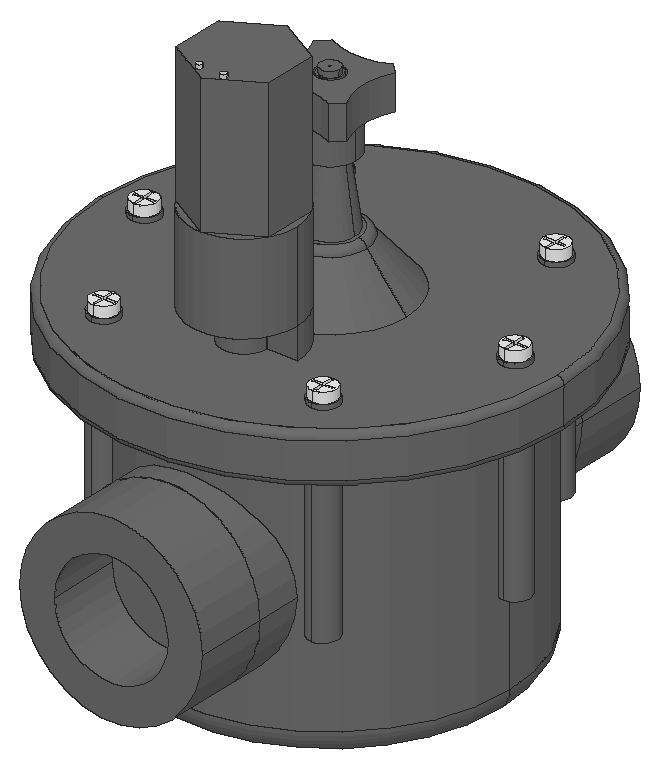
Revit family "Valve - PEB Series - 200PEB", category Acessórios do tubo, Revit 2020
Family settings
  Cota do conector redondo = Utilizar diâmetro
  Tipo de parte = Normal
  Número OmniClass = 23.60.30.11.14
  Título OmniClass = Pipework Fittings
  Com base no plano de trabalho = Não
  Sempre na vertical = Sim
  Corte com vazios quando carregada = Não
  Compartilhado = Não
Parameters (values of type "200PEB-R")
  a [instance] = 1.27 cm
  URL = "https://www.rainbird.com/"
  SupportProjetos: Reviw Date = "10/11/2020"  # constant formula
  SupportProjetos: Reviw = "R01"  # constant formula
  SupportProjetos: Level of Detail = "LOD300"  # constant formula
  SupportProjetos: Developed = "MICHEL SOARES MOTA"  # constant formula
  SupportProjetos: Creation Date = "27/08/2020"  # constant formula
  RainBird: Product Link = "https://www.rainbird.com/"
  RainBird: Description = "Valves - PEB Series - 200PEB-R"
  RainBird: Comment = ""
  RainBird: Code = "B35213"  # constant formula
  RN [instance] = DN / 2  # 2.54 cm
  Modelo = "200PEB-R"
  Material Parafuso = Aço cromado
  Material = PVC-U
  Elevação padrão = 0 cm
  Diametro corpo [instance] = 6 cm
  Diametro Tubo = 5.08 cm
  Det1 [instance] = 2 cm
  Descrição = RainBird: Description  # "Valves - PEB Series - 200PEB-R"
  DN [instance] = 5.08 cm
  Caminho croqui = 11.2 cm
  Anotação Válvula = yes
Types (4, lengths in cm): name | RainBird: Description | Modelo | Descrição
  (no name) | "Valves - PEB Series - 200PEB-R" | "200PEB-R" | "Valves - PEB Series - 200PEB-R"
  200PEB | "Valves - PEB Series - 200PEB" | "200PEB" | "Valves - PEB Series - 200PEB"
  200PESB | "Valves - PEB Series - 200PESB" | "200PESB" | "Valves - PEB Series - 200PESB"
  200PEB-R | "Valves - PEB Series - 200PEB-R" | "200PEB-R" | "Valves - PEB Series - 200PEB-R"
Reference planes (cm)
  plane 1 "Centro (Frente/Trás)": y = 0
  plane 2: z = 0
  plane 3 "Centro (Esquerda/Direita)": x = 0
Forms (cm)
  Sweep 1, solid, material "PVC-U" <- "Material"
    path origin (0, 0, 0) x (1, 0, 0) y (0, 1, 0)
      loop
        circle (0, 0) r 3
    profile origin (0, 3, 0) x (0, -1, 0) y (0, 0, 1)
      loop
        arc (-3.3167, 4.98) -> (-3.4581, 4.9214) -> (-3.5167, 4.78) r 0.2
        line (-3.5167, 4.78) -> (-3.5167, 3.7881)
        arc (-3.5167, 3.7881) -> (-3.4659, 3.6654) -> (-3.3431, 3.6146) r 0.1736
        line (-3.3431, 3.6146) -> (-2.0167, 3.6146) -> (-2.0167, -3.3151)
        arc (-2.0167, -3.3151) -> (-1.8102, -3.8135) -> (-1.3118, -4.02) r 0.7049
        line (-1.3118, -4.02) -> (2.9833, -4.02) -> (2.9833, 10.48) -> (2.7355, 10.48) -> (2.7355, 8.48) -> (2.5811, 8.48) -> (2.3, 6.48) -> (2.1864, 6.48)
        arc (2.1864, 6.48) -> (2.0425, 6.4204) -> (1.9829, 6.2765) r 0.2035
        line (1.9829, 6.2765) -> (0.8559, 4.98) -> (-3.3167, 4.98)
  Extrusion 2, solid, material "PVC-U" <- "Material"
    sketch origin (0, 0, 0) x (0, 1, 0) y (-1, 0, 0)
      loop
        circle (0, -5.1645) r 0.4
      loop
        circle (-4.0487, -3.0594) r 0.4
      loop
        circle (4.0487, -3.0594) r 0.4
      loop
        circle (0, 5.1645) r 0.4
      loop
        circle (-4.0487, 3.0594) r 0.4
      loop
        circle (4.0487, 3.0594) r 0.4
    from -0.8456 to 5.1006
  Extrusion 3, solid, material "Aço cromado" <- "Material Parafuso"
    sketch origin (0, 0, 0) x (0, 1, 0) y (-1, 0, 0)
      loop
        circle (0, -5.1645) r 0.3541
      loop
        line (-0.0439, -5.207) -> (-0.0439, -5.4485) -> (0.0343, -5.4485) -> (0.0343, -5.207) -> (0.292, -5.207) -> (0.292, -5.123) -> (0.0343, -5.123) -> (0.0343, -4.8619) -> (-0.0439, -4.8619) -> (-0.0439, -5.123) -> (-0.3045, -5.123) -> (-0.3045, -5.207) -> (-0.0439, -5.207)
      loop
        circle (-4.0487, -3.0594) r 0.3541
      loop
        line (-4.0048, -3.1018) -> (-3.7442, -3.1018) -> (-3.7442, -3.0178) -> (-4.0048, -3.0178) -> (-4.0048, -2.7567) -> (-4.083, -2.7567) -> (-4.083, -3.0178) -> (-4.3408, -3.0178) -> (-4.3408, -3.1018) -> (-4.083, -3.1018) -> (-4.083, -3.3433) -> (-4.0048, -3.3433) -> (-4.0048, -3.1018)
      loop
        circle (4.0487, -3.0594) r 0.3541
      loop
        line (4.0048, -3.1018) -> (4.0048, -3.3433) -> (4.083, -3.3433) -> (4.083, -3.1018) -> (4.3408, -3.1018) -> (4.3408, -3.0178) -> (4.083, -3.0178) -> (4.083, -2.7567) -> (4.0048, -2.7567) -> (4.0048, -3.0178) -> (3.7442, -3.0178) -> (3.7442, -3.1018) -> (4.0048, -3.1018)
      loop
        circle (0, 5.1645) r 0.3541
      loop
        line (-0.0439, 5.207) -> (-0.3045, 5.207) -> (-0.3045, 5.123) -> (-0.0439, 5.123) -> (-0.0439, 4.8619) -> (0.0343, 4.8619) -> (0.0343, 5.123) -> (0.292, 5.123) -> (0.292, 5.207) -> (0.0343, 5.207) -> (0.0343, 5.4485) -> (-0.0439, 5.4485) -> (-0.0439, 5.207)
      loop
        circle (-4.0487, 3.0594) r 0.3541
      loop
        line (-4.0048, 3.1018) -> (-4.0048, 3.3433) -> (-4.083, 3.3433) -> (-4.083, 3.1018) -> (-4.3408, 3.1018) -> (-4.3408, 3.0178) -> (-4.083, 3.0178) -> (-4.083, 2.7567) -> (-4.0048, 2.7567) -> (-4.0048, 3.0178) -> (-3.7442, 3.0178) -> (-3.7442, 3.1018) -> (-4.0048, 3.1018)
      loop
        circle (4.0487, 3.0594) r 0.3541
      loop
        line (4.0048, 3.1018) -> (3.7442, 3.1018) -> (3.7442, 3.0178) -> (4.0048, 3.0178) -> (4.0048, 2.7567) -> (4.083, 2.7567) -> (4.083, 3.0178) -> (4.3408, 3.0178) -> (4.3408, 3.1018) -> (4.083, 3.1018) -> (4.083, 3.3433) -> (4.0048, 3.3433) -> (4.0048, 3.1018)
    from 5.1006 to 5.3824
  Sweep 4, solid, material "PVC-U" <- "Material"
    path origin (0, 0, 0) x (1, 0, 0) y (0, 1, 0)
      loop
        line (0, -5.6) -> (0, 5.6)
    profile origin (0, 0, 0) x (-1, 0, 0) y (0, 0, 1)
      loop
        circle (0, 0) r 2.54
  Sweep 5, solid, material "PVC-U" <- "Material"
    path origin (0, 0, 0) x (1, 0, 0) y (0, 1, 0)
      loop
        line (0, 5.6) -> (0, 7.6)
    profile origin (0, 6.6, 0) x (-1, 0, 0) y (0, 0, 1)
      loop
        circle (0, 0) r 1.5878
      loop
        circle (0, 0) r 2.54
  Sweep 6, solid, material "PVC-U" <- "Material"
    path origin (0, 0, 0) x (1, 0, 0) y (0, 1, 0)
      loop
        line (0, -5.6) -> (0, -7.6)
    profile origin (0, -6.6, 0) x (1, 0, 0) y (0, 0, 1)
      loop
        circle (0, 0) r 1.5878
      loop
        circle (0, 0) r 2.54
  Extrusion 7, solid, material "PVC-U" <- "Material"
    sketch origin (0, 0, 0) x (1, 0, 0) y (0, 1, 0)
      loop
        circle (-1.2684, 1.1319) r 0.5
    from 4.73 to 7.1863
  Extrusion 8, solid, material "PVC-U" <- "Material"
    sketch origin (0, 0, 0) x (1, 0, 0) y (0, 1, 0)
      loop
        circle (-1.2684, 1.1319) r 0.35
    from 7.1863 to 8.23
  Extrusion 9, solid, material "PVC-U" <- "Material"
    sketch origin (0, 0, 0) x (1, 0, 0) y (0, 1, 0)
      loop
        circle (-1.2684, 1.1319) r 0.1348
      loop
        line (-1.5709, 1.5211) -> (-1.6659, 1.4261)
        arc (-1.6659, 1.4261) -> (-1.5973, 1.1326) -> (-1.6637, 0.8386) r 0.673
        line (-1.6637, 0.8386) -> (-1.5688, 0.7436)
        arc (-1.5688, 0.7436) -> (-1.2712, 0.8132) -> (-0.9736, 0.7436) r 0.6718
        line (-0.9736, 0.7436) -> (-0.8778, 0.8394)
        arc (-0.8778, 0.8394) -> (-0.9436, 1.1315) -> (-0.8786, 1.4239) r 0.686
        line (-0.8786, 1.4239) -> (-0.9762, 1.5215)
        arc (-0.9762, 1.5215) -> (-1.2735, 1.4534) -> (-1.5709, 1.5211) r 0.6846
    from 8.23 to 8.509
  Extrusion 10, solid, material "PVC-U" <- "Material"
    sketch origin (1.2875, -1.1319, 0) x (1, 0, 0) y (0, 1, 0)
      loop
        circle (-1.2684, 1.1319) r 0.3851
      loop
        line (-2.1324, 2.2437) -> (-2.4038, 1.9724)
        arc (-2.4038, 1.9724) -> (-2.2079, 1.134) -> (-2.3976, 0.2941) r 1.9225
        line (-2.3976, 0.2941) -> (-2.1264, 0.0229)
        arc (-2.1264, 0.0229) -> (-1.2763, 0.2215) -> (-0.4262, 0.0229) r 1.9189
        line (-0.4262, 0.0229) -> (-0.1528, 0.2963)
        arc (-0.1528, 0.2963) -> (-0.3407, 1.131) -> (-0.1551, 1.9661) r 1.9594
        line (-0.1551, 1.9661) -> (-0.4338, 2.2448)
        arc (-0.4338, 2.2448) -> (-1.283, 2.0502) -> (-2.1324, 2.2437) r 1.9556
      loop
        arc (-1.3071, 1.4648) -> (-1.6036, 1.1319) -> (-1.3071, 0.799) r 0.3351
        line (-1.3071, 0.799) -> (-1.3071, 1.4648)
      loop
        line (-1.2684, 1.467) -> (-1.2684, 0.7967)
        arc (-1.2684, 0.7967) -> (-0.9581, 1.1319) -> (-1.2684, 1.467) r 0.3361
    from 9.3751 to 10.3365
  Extrusion 11, solid, material "PVC-U" <- "Material"
    sketch origin (0, 0, 0) x (1, 0, 0) y (0, 1, 0)
      loop
        circle (0, 0) r 0.7379
    from 8.3753 to 9.3751
  Extrusion 12, solid, material "PVC-U" <- "Material"
    sketch origin (0, 0, 0) x (1, 0, 0) y (0, 1, 0)
      loop
        circle (0, -3) r 0.6406
    from 1.7812 to 5.8349
  Extrusion 13, solid, material "PVC-U" <- "Material"
    sketch origin (0, 0, 0) x (1, 0, 0) y (0, 1, 0)
      loop
        circle (0, -3) r 1.5
    from 5.8349 to 8.3126
  Extrusion 14, solid, material "PVC-U" <- "Material"
    sketch origin (0, 0, 0) x (1, 0, 0) y (0, 1, 0)
      loop
        line (0, -4.5) -> (1.299, -3.75) -> (1.299, -2.25) -> (0, -1.5) -> (-1.299, -2.25) -> (-1.299, -3.75) -> (0, -4.5)
    from 8.3126 to 12.15
  Extrusion 15, solid, material "PVC-U" <- "Material"
    sketch origin (0, 0, 0) x (1, 0, 0) y (0, 1, 0)
      loop
        arc (1.5, -3) -> (0, -1.5) -> (-1.5, -3) r 1.5
        line (-1.5, -3) -> (1.5, -3)
    from 1.7812 to 5.8349
  Extrusion 16, solid
    sketch origin (0, 0, 0) x (1, 0, 0) y (0, 1, 0)
      loop
        circle (-0.329, -4.1208) r 0.0806
      loop
        circle (0.3553, -4.1386) r 0.0824
    from 12.15 to 12.2333
Cuts and joins
  joined: Extrusion 13, Extrusion 14, Extrusion 15
Dimensions and locks (cm)
  "Caminho croqui": Sweep 4 sketch curve to Sweep 4 sketch curve
  equal spacing: Sweep 4 sketch curve, plane 1 "Centro (Frente/Trás)", Sweep 4 sketch curve
  "Det1": Sweep 5 sketch curve to Sweep 5 sketch curve
  "Det1": Sweep 6 sketch curve to Sweep 6 sketch curve
  locked: plane 1 "Centro (Frente/Trás)" to Sweep 1 sketch curve at 0.0167
  Sweep 1 sketch curve to Sweep 1 sketch curve = 6.5 cm
  "Diametro corpo": diameter of Sweep 1 sketch curve
  "Diametro Tubo": diameter of Sweep 4 sketch curve
  aligned and locked: level to plane 2
  aligned and locked: Sweep 4 to Sweep 5 sketch curve
  aligned and locked: Sweep 5 sketch curve to Sweep 4  (x2)
  aligned and locked: Sweep 4 to Sweep 6 sketch curve
  aligned and locked: Sweep 6 sketch curve to Sweep 5  (x4)
  aligned and locked: Extrusion 9 to Extrusion 8
  aligned and locked: Extrusion 10 to Extrusion 11
  aligned and locked: Extrusion 13 to Extrusion 12
  aligned and locked: Extrusion 14 to Extrusion 13
  aligned and locked: Extrusion 15 sketch curve to Extrusion 13
  aligned and locked: Extrusion 15 to Extrusion 12  (x2)
  aligned and locked: Extrusion 16 to cut or joined group of Extrusion 13, Extrusion 14, Extrusion 15
  aligned and locked: Extrusion 2 to Extrusion 3
Automatic sketch dimensions
  Sweep 5 sketch curve to Sweep 5 sketch curve = 0 cm  (x2)
  Extrusion 7 sketch curve to plane 3 "Centro (Esquerda/Direita)" = 1.2684 cm
  Extrusion 7 sketch curve to plane 1 "Centro (Frente/Trás)" = 1.1319 cm
  Extrusion 8 sketch curve to plane 3 "Centro (Esquerda/Direita)" = 1.2684 cm
  Extrusion 8 sketch curve to plane 1 "Centro (Frente/Trás)" = 1.1319 cm
  Extrusion 9 sketch curve to plane 1 "Centro (Frente/Trás)" = 1.1301 cm
  Extrusion 9 sketch curve to plane 3 "Centro (Esquerda/Direita)" = 2.2704 cm
  Extrusion 9 sketch curve to Extrusion 9 sketch curve = 0.6045 cm
  Extrusion 9 sketch curve to plane 1 "Centro (Frente/Trás)" = 0.8386 cm
  Extrusion 9 sketch curve to Extrusion 9 sketch curve = 0.0022 cm
  Extrusion 9 sketch curve to Extrusion 9 sketch curve = 0.095 cm  (x3)
  Extrusion 9 sketch curve to plane 1 "Centro (Frente/Trás)" = 0.7436 cm  (x2)
  Extrusion 9 sketch curve to Extrusion 9 sketch curve = 0.2969 cm
  Extrusion 9 sketch curve to plane 1 "Centro (Frente/Trás)" = 0.1414 cm
  Extrusion 9 sketch curve to Extrusion 9 sketch curve = 0.2976 cm
  Extrusion 9 sketch curve to Extrusion 9 sketch curve = 0.3004 cm
  Extrusion 9 sketch curve to Extrusion 9 sketch curve = 0.2922 cm
  Extrusion 9 sketch curve to Extrusion 9 sketch curve = 0.0976 cm  (x2)
  Extrusion 9 sketch curve to Extrusion 9 sketch curve = 0.0957 cm  (x2)
  Extrusion 9 sketch curve to plane 3 "Centro (Esquerda/Direita)" = 0.2577 cm
  Extrusion 9 sketch curve to Extrusion 9 sketch curve = 0.3882 cm
  Extrusion 9 sketch curve to Extrusion 9 sketch curve = 0.2931 cm
  Extrusion 10 sketch curve to Extrusion 10 sketch curve = 0 cm  (x2)
  Extrusion 10 sketch curve to Extrusion 10 sketch curve = 0.0258 cm  (x2)
  plane 1 "Centro (Frente/Trás)" to Extrusion 10 sketch curve = 0 cm
  plane 3 "Centro (Esquerda/Direita)" to Extrusion 10 sketch curve = 0.019 cm  (x2)
  plane 3 "Centro (Esquerda/Direita)" to Extrusion 10 sketch curve = 0.0112 cm
  plane 3 "Centro (Esquerda/Direita)" to Extrusion 10 sketch curve = 0.0032 cm
  Extrusion 10 sketch curve to plane 3 "Centro (Esquerda/Direita)" = 0.0197 cm
  Extrusion 10 sketch curve to plane 3 "Centro (Esquerda/Direita)" = 0.8389 cm
  Extrusion 10 sketch curve to plane 3 "Centro (Esquerda/Direita)" = 0.8449 cm
  Extrusion 10 sketch curve to Extrusion 10 sketch curve = 0.2712 cm
  Extrusion 10 sketch curve to Extrusion 10 sketch curve = 0.2714 cm
  plane 1 "Centro (Frente/Trás)" to Extrusion 10 sketch curve = 0.005 cm
  Extrusion 10 sketch curve to Extrusion 10 sketch curve = 1.7328 cm
  plane 3 "Centro (Esquerda/Direita)" to Extrusion 10 sketch curve = 0.8537 cm
  plane 3 "Centro (Esquerda/Direita)" to Extrusion 10 sketch curve = 0.8613 cm
  Extrusion 10 sketch curve to Extrusion 10 sketch curve = 0.2787 cm  (x2)
  Extrusion 10 sketch curve to Extrusion 10 sketch curve = 0.2734 cm  (x2)
  Extrusion 10 sketch curve to plane 1 "Centro (Frente/Trás)" = 0.0018 cm
  Extrusion 10 sketch curve to Extrusion 10 sketch curve = 1.7715 cm
  plane 1 "Centro (Frente/Trás)" to Extrusion 10 sketch curve = 0.3351 cm
  Extrusion 10 sketch curve to Extrusion 10 sketch curve = 0.0022 cm
  plane 1 "Centro (Frente/Trás)" to Extrusion 10 sketch curve = 0.8355 cm
  plane 1 "Centro (Frente/Trás)" to Extrusion 10 sketch curve = 0.8377 cm
  Extrusion 10 sketch curve to Extrusion 10 sketch curve = 1.7203 cm
  Extrusion 10 sketch curve to Extrusion 10 sketch curve = 0.2713 cm
  plane 1 "Centro (Frente/Trás)" to Extrusion 11 sketch curve = 0 cm
  Extrusion 11 sketch curve to plane 3 "Centro (Esquerda/Direita)" = 0 cm
  Extrusion 12 sketch curve to plane 3 "Centro (Esquerda/Direita)" = 0 cm
  plane 1 "Centro (Frente/Trás)" to Extrusion 12 sketch curve = 3 cm
  Extrusion 13 sketch curve to plane 3 "Centro (Esquerda/Direita)" = 0 cm
  plane 1 "Centro (Frente/Trás)" to Extrusion 13 sketch curve = 3 cm
  Extrusion 16 sketch curve to plane 3 "Centro (Esquerda/Direita)" = 0.329 cm
  Extrusion 16 sketch curve to Extrusion 16 sketch curve = 0.6843 cm
  plane 1 "Centro (Frente/Trás)" to Extrusion 16 sketch curve = 4.1208 cm
  Extrusion 16 sketch curve to Extrusion 16 sketch curve = 0.0178 cm
  Sweep 1 sketch curve to Sweep 1 sketch curve = 0.1736 cm
  Sweep 1 sketch curve to Sweep 1 sketch curve = 0.2 cm
  Sweep 1 sketch curve to Sweep 1 sketch curve = 1.3264 cm
  Sweep 1 sketch curve to Sweep 1 sketch curve = 0.7049 cm
  Sweep 1 sketch curve to profile plane = 0.8559 cm
  Sweep 1 sketch curve to Sweep 1 sketch curve = 1.127 cm
  Sweep 1 sketch curve to Sweep 1 sketch curve = 0.2035 cm
  Sweep 1 sketch curve to Sweep 1 sketch curve = 0.1136 cm
  Sweep 1 sketch curve to Sweep 1 sketch curve = 0.2811 cm
  Sweep 1 sketch curve to Sweep 1 sketch curve = 0.2478 cm
  Sweep 1 sketch curve to level = 4.02 cm
  level to Sweep 1 sketch curve = 3.6146 cm
  Sweep 1 sketch curve to Sweep 1 sketch curve = 0.9919 cm
  Sweep 1 sketch curve to Sweep 1 sketch curve = 1.2965 cm
  Sweep 1 sketch curve to Sweep 1 sketch curve = 2 cm  (x2)
  plane 1 "Centro (Frente/Trás)" to Extrusion 3 sketch curve = 0 cm  (x2)
  plane 1 "Centro (Frente/Trás)" to Extrusion 3 sketch curve = 0.0439 cm  (x4)
  Extrusion 3 sketch curve to Extrusion 3 sketch curve = 0.2606 cm  (x6)
  plane 1 "Centro (Frente/Trás)" to Extrusion 3 sketch curve = 3.7442 cm  (x2)
  Extrusion 3 sketch curve to Extrusion 3 sketch curve = 0 cm  (x10)
  Extrusion 3 sketch curve to Extrusion 3 sketch curve = 0.0439 cm  (x4)
  Extrusion 3 sketch curve to Extrusion 3 sketch curve = 0.0782 cm  (x6)
  Extrusion 3 sketch curve to Extrusion 3 sketch curve = 0.0343 cm  (x2)
  Extrusion 3 sketch curve to Extrusion 3 sketch curve = 0.2577 cm  (x6)
  Extrusion 3 sketch curve to plane 1 "Centro (Frente/Trás)" = 0.0343 cm  (x4)
  Extrusion 3 sketch curve to plane 1 "Centro (Frente/Trás)" = 3.7442 cm  (x2)
  plane 3 "Centro (Esquerda/Direita)" to Extrusion 3 sketch curve = 5.4485 cm
  Extrusion 3 sketch curve to Extrusion 3 sketch curve = 0.2415 cm  (x6)
  Extrusion 3 sketch curve to Extrusion 3 sketch curve = 0.0425 cm  (x7)
  Extrusion 3 sketch curve to Extrusion 3 sketch curve = 0.0415 cm  (x4)
  Extrusion 3 sketch curve to Extrusion 3 sketch curve = 0.084 cm  (x7)
  Extrusion 3 sketch curve to Extrusion 3 sketch curve = 0.2612 cm  (x6)
  plane 3 "Centro (Esquerda/Direita)" to Extrusion 3 sketch curve = 3.3433 cm  (x2)
  Extrusion 3 sketch curve to plane 3 "Centro (Esquerda/Direita)" = 2.7567 cm  (x2)
  Extrusion 3 sketch curve to Extrusion 3 sketch curve = 1.76 cm
  plane 1 "Centro (Frente/Trás)" to Extrusion 2 sketch curve = 0 cm  (x2)
  plane 1 "Centro (Frente/Trás)" to Extrusion 2 sketch curve = 4.0487 cm  (x2)
  Extrusion 2 sketch curve to plane 1 "Centro (Frente/Trás)" = 4.0487 cm  (x2)
  plane 3 "Centro (Esquerda/Direita)" to Extrusion 2 sketch curve = 5.1645 cm
  plane 3 "Centro (Esquerda/Direita)" to Extrusion 2 sketch curve = 3.0594 cm  (x2)
  Extrusion 2 sketch curve to plane 3 "Centro (Esquerda/Direita)" = 3.0594 cm  (x2)
  Extrusion 2 sketch curve to Extrusion 2 sketch curve = 2.1052 cm
  plane 1 "Centro (Frente/Trás)" to Sweep 1 sketch curve = 0 cm
  Sweep 1 sketch curve to plane 3 "Centro (Esquerda/Direita)" = 0 cm
  Sweep 4 sketch curve to plane 3 "Centro (Esquerda/Direita)" = 0 cm
  Sweep 4 sketch curve to level = 0 cm
  Sweep 4 sketch curve to profile plane = 0 cm
  Sweep 5 sketch curve to plane 3 "Centro (Esquerda/Direita)" = 0 cm
  Sweep 6 sketch curve to plane 3 "Centro (Esquerda/Direita)" = 0 cm
  radius of Sweep 5 sketch curve = 1.5878 cm
  radius of Extrusion 7 sketch curve = 0.5 cm
  radius of Extrusion 8 sketch curve = 0.35 cm
  radius of Extrusion 9 sketch curve = 0.1348 cm
  radius of Extrusion 10 sketch curve = 0.3851 cm
  radius of Extrusion 11 sketch curve = 0.7379 cm
  radius of Extrusion 12 sketch curve = 0.6406 cm
  radius of Extrusion 13 sketch curve = 1.5 cm
  radius of Extrusion 16 sketch curve = 0.0806 cm
  radius of Extrusion 16 sketch curve = 0.0824 cm
  radius of Extrusion 3 sketch curve = 0.3541 cm  (x6)
  radius of Extrusion 2 sketch curve = 0.4 cm  (x6)
Connectors (cm)
  electrical at (0.3553, -4.1386, 12.2333)
    settings: on Extrusion 16, index 3, voltage 600 V, apparent load 0 VA, apparent load phase1 0 VA, apparent load phase2 0 VA, apparent load phase3 0 VA, power factor 1, load classification "Outro", number of poles 1, system type 30, power factor state 1, is connector primary yes, connector utility no, sub classification motor no, connector description ""
  electrical at (-0.329, -4.1208, 12.2333)
    settings: on Extrusion 16, index 4, voltage 600 V, apparent load 0 VA, apparent load phase1 0 VA, apparent load phase2 0 VA, apparent load phase3 0 VA, power factor 1, load classification "Outro", number of poles 1, system type 30, power factor state 1, is connector primary no, connector utility no, sub classification motor no, connector description ""
  piping at (0, 7.6, 0), diameter 5.08, driven by "DN"
    settings: on Sweep 5, index 5, connector inside diameter 609.6 mm, connector length 0 cm, flow factor 0, pipe flow 0.0 L/s, pressure drop 0.0 Pa, fitting loss kfactor 0, connector angle 0.00°, fixture units 0, engagement length 0 cm, angle of deflection 0.00°, flow configuration 0, flow direction 0, fitting loss method 0, system type 20, joint type 0, gender type 0, connector reference index 6, connector utility 0, adjustable connector no, is connector primary yes, connector description ""
  piping at (0, -7.6, 0), diameter 5.08, driven by "DN"
    settings: on Sweep 6, index 6, connector inside diameter 609.6 mm, connector length 0 cm, flow factor 0, pipe flow 0.0 L/s, pressure drop 0.0 Pa, fitting loss kfactor 0, connector angle 0.00°, fixture units 0, engagement length 0 cm, angle of deflection 0.00°, flow configuration 0, flow direction 0, fitting loss method 0, system type 20, joint type 0, gender type 0, connector reference index 5, connector utility 0, adjustable connector no, is connector primary no, connector description ""
